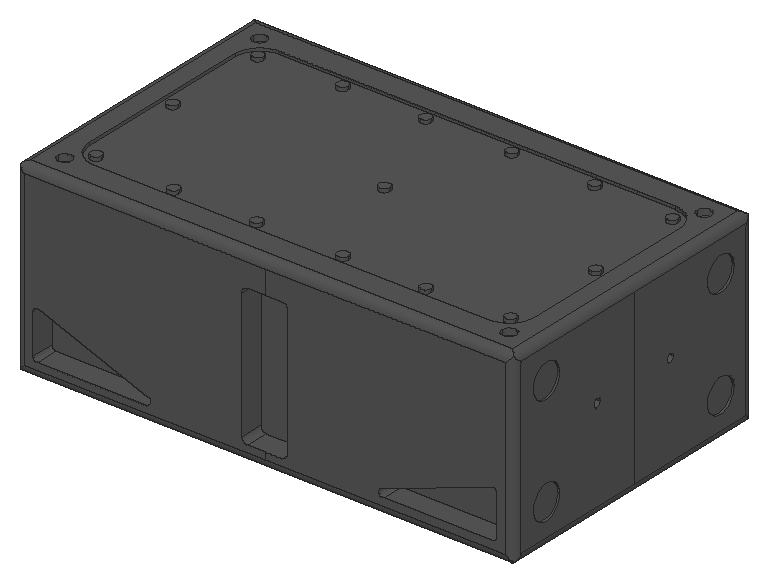
Revit family "1Electronics_Community-Subwoofers_Biamp_VLF_208", category Communication Devices, host Face, Revit 2020 (continued)
Definition of nested family "Biamp_VLF_208"
  Automatic sketch dimensions
    Extrusion 12 sketch curve to plane 4 = 0' - 0"
    Extrusion 12 sketch curve to plane 6 = 0' - 0"
    plane 7 to Extrusion 12 sketch curve = 0' - 0"
    Extrusion 12 sketch curve to plane 5 = 0' - 0"
    plane 15 to Extrusion 12 sketch curve = 0' - 0 1/8"  (x2)
    plane 14 to Extrusion 12 sketch curve = 0' - 0 1/8"  (x2)
    Masking region 1 sketch curve to plane 4 = 0' - 0"
    plane 7 to Masking region 1 sketch curve = 0' - 0"
    Masking region 1 sketch curve to plane 6 = 0' - 0"
    Masking region 1 sketch curve to plane 5 = 0' - 0"
    plane 15 to Masking region 1 sketch curve = 0' - 0 1/8"  (x2)
    plane 14 to Masking region 1 sketch curve = 0' - 0 1/8"  (x2)
    Masking region 2 sketch curve to plane 4 = 0' - 0"
    Masking region 2 sketch curve to plane 9 = 0' - 0"  (x3)
    Masking region 2 sketch curve to plane 8 = 0' - 0"
    Masking region 2 sketch curve to level = 0' - 0"  (x2)
    plane 5 to Masking region 2 sketch curve = 0' - 0"
    plane 15 to Masking region 2 sketch curve = 0' - 0 1/8"
    plane 11 to Masking region 2 sketch curve = 0' - 0 1/8"
    Masking region 2 sketch curve to Masking region 2 sketch curve = 0' - 1 1/8"
    Masking region 2 sketch curve to Masking region 2 sketch curve = 0' - 1 1/2"
    plane 14 to Masking region 2 sketch curve = 0' - 2 3/4"
    plane 14 to Masking region 2 sketch curve = 0' - 1 1/4"
    plane 14 to Masking region 2 sketch curve = 0' - 0 1/8"  (x2)
    Masking region 3 sketch curve to plane 7 = 0' - 0"
    plane 8 to Masking region 3 sketch curve = 0' - 0"
    Masking region 3 sketch curve to plane 9 = 0' - 0"  (x3)
    Masking region 3 sketch curve to level = 0' - 0"  (x2)
    Masking region 3 sketch curve to plane 6 = 0' - 0"
    plane 11 to Masking region 3 sketch curve = 0' - 0 1/8"  (x2)
    Masking region 3 sketch curve to plane 7 = 0' - 0 3/8"
    Masking region 3 sketch curve to plane 10 = 0' - 0 1/2"
    Masking region 3 sketch curve to Masking region 3 sketch curve = 0' - 1 1/2"  (x2)
    Masking region 3 sketch curve to plane 6 = 0' - 3"
    Masking region 3 sketch curve to plane 6 = 0' - 0 3/8"
    plane 15 to Extrusion 14 sketch curve = 0' - 4.07255"
    Extrusion 14 sketch curve to Extrusion 14 sketch curve = 0' - 2.16879"
    plane 11 to Extrusion 14 sketch curve = 0' - 3.07995"
    Extrusion 14 sketch curve to Extrusion 14 sketch curve = 0' - 1.31197"
    plane 15 to Extrusion 15 sketch curve = 0' - 3.409"
    Extrusion 15 sketch curve to Extrusion 15 sketch curve = 0' - 0.66355"
    plane 11 to Extrusion 15 sketch curve = 0' - 3.07995"
    plane 11 to Extrusion 15 sketch curve = 0' - 1.418"
    Extrusion 16 sketch curve to Extrusion 16 sketch curve = 0' - 0"  (x2)
    plane 11 to Extrusion 16 sketch curve = 0' - 2 107/256"
    plane 15 to Extrusion 16 sketch curve = 0' - 5.14077"
    Extrusion 16 sketch curve to Extrusion 16 sketch curve = 0' - 0.2785"
    Extrusion 16 sketch curve to Extrusion 16 sketch curve = 0' - 0.29528"
    Extrusion 16 sketch curve to Extrusion 16 sketch curve = 0' - 0.3786"
    Extrusion 17 sketch curve to Extrusion 17 sketch curve = 0' - 0"  (x6)
    plane 11 to Extrusion 17 sketch curve = 0' - 2.03671"  (x2)
    plane 15 to Extrusion 17 sketch curve = 0' - 5.00054"
    plane 11 to Extrusion 17 sketch curve = 0' - 2.09536"  (x2)
    Extrusion 17 sketch curve to Extrusion 17 sketch curve = 0' - 0.02157"
    Extrusion 17 sketch curve to Extrusion 17 sketch curve = 0' - 0.04598"
    Extrusion 17 sketch curve to Extrusion 17 sketch curve = 0' - 0.01118"  (x2)
    Extrusion 17 sketch curve to Extrusion 17 sketch curve = 0' - 0.0615"
    plane 11 to Extrusion 17 sketch curve = 0' - 2.75619"
    Extrusion 17 sketch curve to Extrusion 17 sketch curve = 0' - 0.12299"
    plane 11 to Extrusion 17 sketch curve = 0' - 2.81768"
    Extrusion 17 sketch curve to Extrusion 17 sketch curve = 0' - 0.23732"
    Extrusion 18 sketch curve to Extrusion 18 sketch curve = 0' - 0"  (x3)
    Extrusion 18 sketch curve to Extrusion 18 sketch curve = 0' - 0.387"  (x2)
    Extrusion 18 sketch curve to Extrusion 18 sketch curve = 0' - 0 3/8"
    plane 11 to Extrusion 13 sketch curve = 0' - 1.168"
    Extrusion 13 sketch curve to plane 3 "Center (Left/Right)" = 0' - 4.13367"
    Extrusion 13 sketch curve to Extrusion 13 sketch curve = 0' - 3.33233"
    Extrusion 13 sketch curve to Extrusion 13 sketch curve = 0' - 2.16195"
    plane 15 to Extrusion 18 sketch curve = 0' - 3.74077"
    plane 11 to Extrusion 18 sketch curve = 0' - 2.82154"
    plane 1 "Center (Front/Back)" to curve 112 = 0' - 2"
    curve 113 to curve 86 = 0' - 2.076"
    curve 113 to curve 112 = 0' - 0.19685"
    curve 114 to curve 115 = 0' - 0"  (x2)
    curve 115 to plane 1 "Center (Front/Back)" = 0' - 2"
    curve 114 to curve 93 = 0' - 2.076"
    curve 114 to curve 114 = 0' - 0.19685"
    plane 1 "Center (Front/Back)" to Extrusion 10 sketch curve = 0' - 2"
    Extrusion 10 sketch curve to plane 1 "Center (Front/Back)" = 0' - 2"
    plane 11 to Extrusion 10 sketch curve = 0' - 3.535"  (x2)
    radius of Extrusion 8 sketch curve = 0' - 0.23639"  (x15)
    radius of Extrusion 9 sketch curve = 0' - 0 3/4"  (x4)
    radius of Extrusion 11 sketch curve = 0' - 0.19685"  (x2)
    radius of Extrusion 18 sketch curve = 0' - 0 1/8"  (x2)
    radius of Extrusion 18 sketch curve = 0' - 0.0785"  (x2)
    radius of Extrusion 10 sketch curve = 0' - 0.19685"  (x2)
Types (2): name | Model | Material of U-bracket | Housing Material
  VLF-208 B | "VLF-208 B" | Biamp - Metal - Black | Biamp - Plastic - Black
  VLF-208 W | "VLF-208 W" | Biamp - Metal - White | Biamp - Plastic - White
